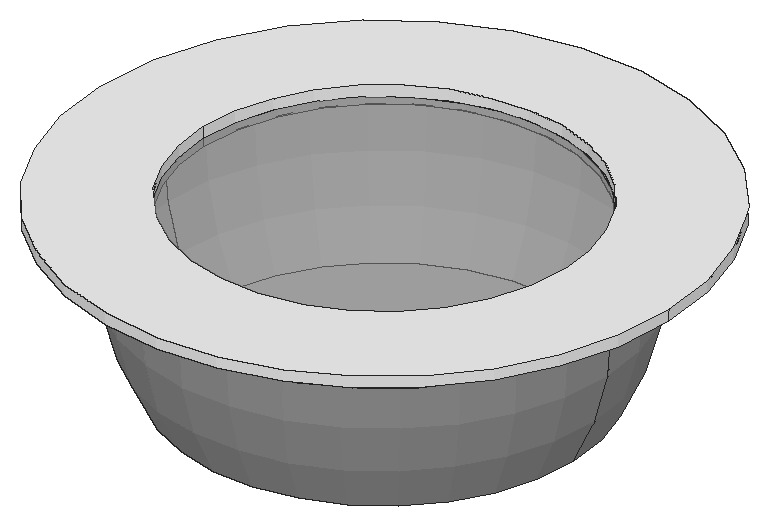
Revit family "3033919 Lighting Fixture_Sylvania_Insaver 150 HE Topper LED_Ceiling Recessed", category Lighting Fixtures, host Face, Revit 2017
Family settings
  Host = Face
  Round Connector Dimension = Use Diameter
  Part Type = Normal
  OmniClass Number = 23.80.70.11.17
  OmniClass Title = Specialized Lighting by Location or Use
  Cut with Voids When Loaded = No
  Light Source = Yes
  Shared = No
  Room Calculation Point = No
Parameters (values of type "Insaver 150 HE Topper LED WW Plus3")
  Weight = 0.80 kg  # constant formula
  Wattage = 8 W
  built-in parameter 1150110 = 1 (stored number, unit not read)
  Voltage Comments = "UNV (Universal Voltage; 220-240 Volt)"  # constant formula
  Voltage = 240 V  # constant formula
  URL = "http://www.sylvania-lighting.com"
  built-in parameter 1114217 = 1 (stored number, unit not read)
  Tilt Angle = -90.00°  # constant formula
  built-in parameter 1150109 = 1 (stored number, unit not read)
  built-in parameter 1150134 = (empty or 0)
  built-in parameter 1150113 = 1 (stored number, unit not read)
  Reflector Material = Polycarbonate_Sylvania_Insaver HE Topper LED_Silver
  Recessed Depth = Height  # 46.0 mm
  Radius = Diameter / 2  # 82.5 mm
  Product Page URL = "http://www.sylvania-lighting.com/product/en-int/products/3033919"
  Product Family = "Insaver HE Topper LED"  # constant formula
  Photometry Comments = ""
  Photometric Web File = "3033922_Insaver150HETopperLEDWWPlus3-182969.ies"
  built-in parameter 1150105 = 310.88 (stored number, unit not read)
  Lumens = 480 lm
  built-in parameter 1150115 = 1 (stored number, unit not read)
  built-in parameter 1150137 = (empty or 0)
  built-in parameter 1150139 = (empty or 0)
  Life = "50 000"  # constant formula
  built-in parameter 1150112 = 1 (stored number, unit not read)
  built-in parameter 1150114 = 1 (stored number, unit not read)
  Lamp Comments = "Integrated LED"
  built-in parameter 1150132 = 2
  built-in parameter 1150102 = (empty or 0)
  built-in parameter 1150107 = 3000 (stored number, unit not read)
  built-in parameter 1150138 = (empty or 0)
  built-in parameter 1150106 = 3.1088 (stored number, unit not read)
  Glow Wire Test = 650 °C  # constant formula
  Emit from Circle Diameter = Diffuser Diameter  # 105.0 mm
  Emit Shape Visible in Rendering = no
  built-in parameter 1150104 = 5.5742 (stored number, unit not read)
  Drive Current = "350mA"  # constant formula
  Dimming Lamp Color Temperature Shift = <None>
  Diffuser Radius = Diffuser Diameter / 2  # 52.5 mm
  Diffuser Diameter = Diameter - 60.0 mm  # 105.0 mm
  Cutout Diameter = 145.0 mm
  Color Filter = 16777215
  Brace Outer Diameter = Cutout Diameter - 5.0 mm  # 140.0 mm
  Brace Inner Diameter = Brace Outer Diameter - 8.0 mm  # 132.0 mm
  Beam Angle = "64-69"  # constant formula
  built-in parameter 1114218 = 1 (stored number, unit not read)
  built-in parameter 1150133 = 10 (stored number, unit not read)
  IP Rating = "IP44"  # constant formula
  Height = 46.0 mm
  built-in parameter 1114216 [instance] = 1 (stored number, unit not read)
  Model = "3033922 Insaver 150 HE Topper LED WW Plus3"
  Manufacturer = "Feilo Sylvania"  # constant formula
  Lamp = "LED"
  Diffuser Material = Polycarbonate_Sylvania_Insaver HE Topper LED_Opal
  Description = "8W & 9W LED white downlight. Ideal for applications such as bathrooms, washrooms or public toilets. IP44 rating allows for installation in applicable zone 1 wet areas. Insaver HE Topper LED with sensor 4,000K delivers 604lm (luminaire lumen output), equating to 76lm/W (total system efficiency). Insaver HE Topper LED can integrate Sylvania PIR sensor and / or Plus3. Sylvania PIR sensor helps you cut energy costs by up to 60%, reduces carbon emissions and helps you comply with carbon reduction legislation and building regulations. Recessed diffuser for an improved visual comfort. Warm white (3,000K) or Neutral white (4,000K). Quick and easy to install. LED lifetime: 50,000 hours. Energy Class: A++, A+, A. LED technology provides an energy efficient solution with reduced maintenance costs"  # constant formula
  Default Elevation = 0.0 mm
  built-in parameter 1140040 [instance] = 1
  Assembly Code = "D5020200"
  Apparent Load Comments = ""
  Apparent Load = 8 VA
  Accessory Material = Aluminum_Sylvania_Insaver HE Topper LED_White
  Diameter = Cutout Diameter + 20.0 mm  # 165.0 mm
Types (8, lengths in mm): name | Wattage | built-in parameter 1150134 | Photometric Web File | built-in parameter 1150105 | Lumens | built-in parameter 1150107 | built-in parameter 1150106 | Model
  Insaver 150 HE Topper LED WW | 8 W | (empty or 0) | "3033918_Insaver150HETopperLEDWW-182926.ies" | 310.88 (stored number, unit not read) | 480 lm | 3000 (stored number, unit not read) | 3.1088 (stored number, unit not read) | "3033918 Insaver 150 HE Topper LED WW"
  Insaver 150 HE Topper LED NW | 10.0667 W | 12 | "3033919_Insaver150HETopperLEDNW-182937.ies" | 391.19 (stored number, unit not read) | 604 lm | 4000 (stored number, unit not read) | 3.9119 (stored number, unit not read) | "3033919 Insaver 150 HE Topper LED NW"
  Insaver 150 HE Topper LED WW PIR | 8 W | (empty or 0) | "3033920_Insaver150HETopperLEDWWPIR-182948.ies" | 310.88 (stored number, unit not read) | 480 lm | 3000 (stored number, unit not read) | 3.1088 (stored number, unit not read) | "3033920 Insaver 150 HE Topper LED WW PIR"
  Insaver 150 HE Topper LED NW PIR Plus3 | 10.0667 W | 12 | "3033925_Insaver150HETopperLEDNWPIRPlus3-182999.ies" | 391.19 (stored number, unit not read) | 604 lm | 4000 (stored number, unit not read) | 3.9119 (stored number, unit not read) | "3033925 Insaver 150 HE Topper LED NW PIR Plus3"
  Insaver 150 HE Topper LED WW Plus3 | 8 W | (empty or 0) | "3033922_Insaver150HETopperLEDWWPlus3-182969.ies" | 310.88 (stored number, unit not read) | 480 lm | 3000 (stored number, unit not read) | 3.1088 (stored number, unit not read) | "3033922 Insaver 150 HE Topper LED WW Plus3"
  Insaver 150 HE Topper LED NW Plus3 | 10.0667 W | 12 | "3033923_Insaver150HETopperLEDNWPlus3-182979.ies" | 391.19 (stored number, unit not read) | 604 lm | 4000 (stored number, unit not read) | 3.9119 (stored number, unit not read) | "3033923 Insaver 150 HE Topper LED NW Plus3"
  Insaver 150 HE Topper LED NW PIR | 10.0667 W | 12 | "3033921_Insaver150HETopperLEDNWPIR-182959.ies" | 391.19 (stored number, unit not read) | 604 lm | 4000 (stored number, unit not read) | 3.9119 (stored number, unit not read) | "3033921 Insaver 150 HE Topper LED NW PIR"
  Insaver 150 HE Topper LED WW PIR Plus3 | 8 W | (empty or 0) | "3033924_Insaver150HETopperLEDWWPIRPlus3-182989.ies" | 310.88 (stored number, unit not read) | 480 lm | 3000 (stored number, unit not read) | 3.1088 (stored number, unit not read) | "3033924 Insaver 150 HE Topper LED WW PIR Plus3"
Reference planes
  plane 1 "Center (Front/Back)": y = 0
  plane 2: z = 0
  plane 3 "Center (Left/Right)": x = 0
  plane 4 "Fixture Top": z = -46
  plane 5 "Fixture Bottom": z = 3
  plane 6 "Brace Top": z = -7.043
  plane 7 "Diffuser Top": z = -2
Forms (mm)
  Extrusion 1, void
    sketch origin (0, 0, 58) x (-1, 0, 0) y (0, -1, 0)
      loop
        circle (0, 0) r 72.5
    from -104 to -55
  Extrusion 2, solid, material "Aluminum_Sylvania_Insaver HE Topper LED_White" <- "Accessory Material", detail levels fine
    sketch origin (0, 0, 58) x (-1, 0, 0) y (0, -1, 0)
      loop
        circle (0, 0) r 82.5
      loop
        circle (0, 0) r 52.5
    from -58 to -55
  Extrusion 3, solid, material "Aluminum_Sylvania_Insaver HE Topper LED_White" <- "Accessory Material", detail levels fine
    sketch origin (0, 0, 58) x (-1, 0, 0) y (0, -1, 0)
      loop
        circle (0, 0) r 70
      loop
        circle (0, 0) r 66
    from -65.043 to -58
  Extrusion 4, solid, material "Polycarbonate_Sylvania_Insaver HE Topper LED_Opal" <- "Diffuser Material", detail levels fine
    sketch origin (0, 0, 58) x (-1, 0, 0) y (0, -1, 0)
      loop
        circle (0, 0) r 52.5
    from -60 to -58
  Revolve 5, solid, material "Polycarbonate_Sylvania_Insaver HE Topper LED_Silver" <- "Reflector Material", detail levels fine
    sketch origin (0, 0, 0) x (1, 0, 0) y (0, 0, 1)
      loop
        line (-52.5, 0) -> (-66, 0) -> (-66, -7.043)
        arc (-66, -7.043) -> (-63.197, -27.283) -> (-55, -46) r 74.484
        line (-55, -46) -> (0, -46) -> (0, -44) -> (-53.871, -44)
        arc (-53.871, -44) -> (-61.422, -26.203) -> (-64, -7.043) r 72.484
        line (-64, -7.043) -> (-64, -2) -> (-52.5, -2) -> (-52.5, 0)
      axis (0, 0) -> (0, -46)
    angle from 0 to 360
  Revolve 6, solid, material "Aluminum_Sylvania_Insaver HE Topper LED_White" <- "Accessory Material", detail levels coarse+medium
    sketch origin (0, 0, 0) x (1, 0, 0) y (0, 0, 1)
      loop
        line (-82.5, 3) -> (-82.5, 0) -> (-70, 0) -> (-70, -7.043) -> (-66, -7.043)
        arc (-66, -7.043) -> (-63.34, -27.324) -> (-55, -46) r 70.874
        line (-55, -46) -> (0, -46) -> (0, 3) -> (-82.5, 3)
      axis (0, 3) -> (0, -46)
    angle from 0 to 360
Cuts and joins
  joined: Extrusion 2, Extrusion 3
Dimensions and locks
  locked: plane 5 "Fixture Bottom" to plane 2 at 3
  locked: plane 5 "Fixture Bottom" to plane 6 "Brace Top" at 10.043
  locked: plane 2 to plane 7 "Diffuser Top" at 2
  locked: Revolve 5 sketch curve to Revolve 5 sketch curve at 13.5
  locked: Revolve 5 sketch curve to Revolve 5 sketch curve at 2  (x2)
  "Diffuser Radius": plane 3 "Center (Left/Right)" to Revolve 5 sketch curve
  "Height": plane 2 to plane 4 "Fixture Top"
  "Radius": plane 3 "Center (Left/Right)" to Revolve 6 sketch curve
  locked: Revolve 6 sketch curve to Revolve 6 sketch curve at 12.5
  locked: Revolve 6 sketch curve to Revolve 6 sketch curve at 4
  locked: Revolve 6 sketch curve to Revolve 6 sketch curve at 27.5
  "Cutout Diameter": diameter of Extrusion 1 sketch curve
  "Diameter": diameter of Extrusion 2 sketch curve
  "Diffuser Diameter": diameter of Extrusion 2 sketch curve
  "Brace Outer Diameter": diameter of Extrusion 3 sketch curve
  "Brace Inner Diameter": diameter of Extrusion 3 sketch curve
  "Diffuser Diameter": diameter of Extrusion 4 sketch curve
  aligned and locked: host face to level
  aligned and locked: level to plane 2
  aligned and locked: Extrusion 2 to plane 2
  aligned and locked: plane 5 "Fixture Bottom" to Extrusion 2
  aligned and locked: Extrusion 3 to plane 6 "Brace Top"
  aligned and locked: level to Extrusion 3
  aligned and locked: Extrusion 4 to plane 7 "Diffuser Top"
  aligned and locked: plane 2 to Extrusion 4
  aligned and locked: plane 4 "Fixture Top" to Revolve 5 sketch curve
  aligned and locked: plane 7 "Diffuser Top" to Revolve 5 sketch curve
  aligned and locked: plane 2 to Revolve 5 sketch curve
  aligned and locked: Revolve 5 sketch curve to plane 3 "Center (Left/Right)"
  aligned and locked: plane 5 "Fixture Bottom" to Extrusion 1
  aligned and locked: plane 4 "Fixture Top" to Extrusion 1
  aligned and locked: plane 3 "Center (Left/Right)" to Revolve 6 sketch curve
  aligned and locked: plane 4 "Fixture Top" to Revolve 6 sketch curve
  aligned and locked: Revolve 6 sketch curve to plane 6 "Brace Top"
  aligned and locked: Revolve 6 sketch curve to plane 2
  aligned and locked: Revolve 6 sketch curve to plane 5 "Fixture Bottom"
  aligned and locked: Revolve 6 sketch curve to plane 3 "Center (Left/Right)"
  aligned and locked: imposter light to plane 3 "Center (Left/Right)"
  aligned and locked: imposter light to plane 5 "Fixture Bottom"
  aligned and locked: imposter light to plane 1 "Center (Front/Back)"
Automatic sketch dimensions
  host sketch curve to host sketch curve = 700.0 mm
  host sketch curve to host sketch curve = 620.0 mm
  plane 1 "Center (Front/Back)" to Extrusion 1 sketch curve = 0.0 mm
  Extrusion 1 sketch curve to plane 3 "Center (Left/Right)" = 0.0 mm
  Extrusion 2 sketch curve to Extrusion 2 sketch curve = 0.0 mm  (x2)
  plane 1 "Center (Front/Back)" to Extrusion 2 sketch curve = 0.0 mm
  Extrusion 2 sketch curve to plane 3 "Center (Left/Right)" = 0.0 mm
  Extrusion 3 sketch curve to Extrusion 3 sketch curve = 0.0 mm  (x2)
  plane 1 "Center (Front/Back)" to Extrusion 3 sketch curve = 0.0 mm
  Extrusion 3 sketch curve to plane 3 "Center (Left/Right)" = 0.0 mm
  plane 1 "Center (Front/Back)" to Extrusion 4 sketch curve = 0.0 mm
  Extrusion 4 sketch curve to plane 3 "Center (Left/Right)" = 0.0 mm
  Revolve 5 sketch curve to Revolve 5 sketch curve = 0.0 mm  (x2)
  Revolve 5 sketch curve to plane 3 "Center (Left/Right)" = 0.0 mm
  Revolve 5 sketch curve to plane 6 "Brace Top" = 0.0 mm
  Revolve 5 sketch curve to Revolve 5 sketch curve = 9.0 mm
  plane 4 "Fixture Top" to Revolve 5 sketch curve = 48.097 mm
  plane 5 "Fixture Bottom" to Revolve 5 sketch curve = 53.903 mm
  Revolve 6 sketch curve to plane 6 "Brace Top" = 1.021 mm
  plane 4 "Fixture Top" to Revolve 6 sketch curve = 72.33 mm
  Revolve 6 sketch curve to Revolve 6 sketch curve = 53.67 mm
Connectors
  electrical at (0, 0, -46), driven by "Voltage", driven by "Apparent Load"
    settings: on Revolve 5, index 1, voltage 240 V, apparent load 0 VA, apparent load phase1 8 VA, apparent load phase2 0 VA, apparent load phase3 0 VA, power factor 1, load classification "Lighting", number of poles 1, system type 31, power factor state 1, is connector primary yes, connector utility no, sub classification motor no, connector description ""
